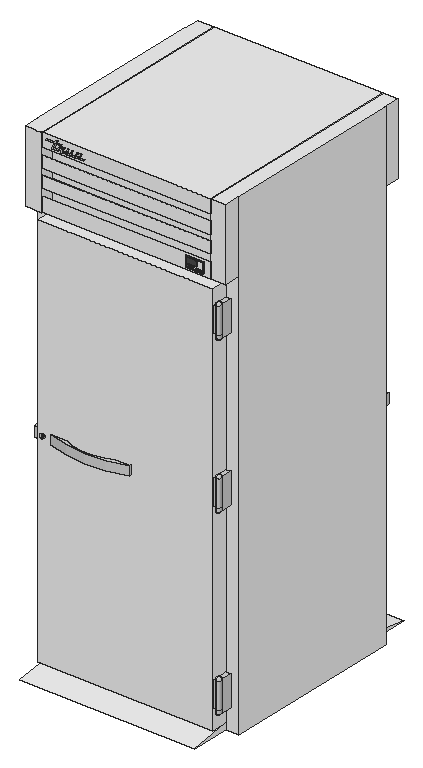
Revit family
Parameters
  Weight in Pounds = 0
  Watts = Volts * FL Amps  # 1023.5 W
  Volts = 115 V
  URL Cutsheet = "www.truemfg.com"
  URL = "www.truemfg.com"
  Type Mark [instance] = ""
  Type Comments = ""
  Status [instance] = ""
  Specification by User [instance] = ""
  Specification by Manufacturer = ""
  Show Logo [instance] = yes
  Show Clearance [instance] = yes
  Serial Number = ""
  Seismic Rating = ""
  SMACNA No = ""
  Revision Code [instance] = ""
  Phase = 1
  Omniclass Number and Title = ""
  Number of Poles [instance] = 1
  NAFEM Spec ID Number = ""
  Model = "STR1RRT-1S-1S"
  Min Ckt Ampacity = 0 A
  Max Overcurrent Protection = 0 A
  Masterspec = ""
  Manufacturer = "TRUE FOOD SERVICE EQUIPMENT, INC."
  Length = 35"
  Item Number [instance] = ""
  Installed By [instance] = ""
  Identify Quantity as Lot [instance] = yes
  Height = 83 3/4"
  HP = "1/3"
  Furnished By [instance] = ""
  Foodservice Equipment Identifier [instance] = yes
  FL Amps = 8.9 A
  Electrical Remarks [instance] = ""
  Electric Connection Type [instance] = ""
  Elec Conn RI Height [instance] = 0"
  Elec Conn Connection Height [instance] = 0"
  Description = "Roll-thru Solid Swing Door Refrigerator"
  Depth = 37 1/2"
  Cycle = 60 Hz
  Conn Plug = "5-15P"
  Conn Conduit = yes
  CSI MasterFormat = ""
  CSI Master Format = ""
  Apparent Power = if(Phase = 3, Volts * FL Amps * 1.73, Volts * FL Amps)  # 1023.5 VA
Reference planes (in)
  plane 1 "BACK": y = 0
  plane 2: z = 0
  plane 3 "LEFT": x = 0
  plane 4 "RIGHT": x = 35
  plane 5 "FRONT": y = -37.5
  plane 6 "TOP": z = 83.75
  plane 7: x = 2.84375
  plane 8: y = -37.4542
  plane 9: x = 32.15625
  plane 10: y = -0.0458
  plane 11: y = -18.75
  plane 12: z = 69.90625
Forms (in)
  Extrusion 1, solid, material "QF_Finishes_Chrome - Satin"
    sketch origin (0.05, 0, 0) x (1, 0, 0) y (0, 1, 0)
      loop
        line (-0.05, -2.75) -> (-0.05, -34.75) -> (2.87859, -34.75) -> (2.87859, -2.75) -> (-0.05, -2.75)
    from 0 to 83.75
  Extrusion 2, solid, material "QF_Finishes_Chrome - Satin"
    sketch origin (50.15, 0, 0) x (1, 0, 0) y (0, 1, 0)
      loop
        line (-17.85, -2.75) -> (-17.85, -34.75) -> (-15.15, -34.75) -> (-15.15, -2.75) -> (-17.85, -2.75)
    from 0 to 83.75
  Extrusion 3, solid, material "QF_Finishes_Chrome - Satin"
    sketch origin (0, 0, 0) x (0, 1, 0) y (0, 0, 1)
      loop
        line (-37.4542, 71.28125) -> (-34.75, 71.28125) -> (-34.75, 0) -> (-2.75, 0) -> (-2.75, 71.28125) -> (-0.0458, 71.28125) -> (-0.0458, 73.81726) -> (-2.25, 72.25) -> (-2.25, 73.52557) -> (-0.0458, 75.09284) -> (-0.0458, 77.18904) -> (-2.25, 75.62178) -> (-2.25, 76.58254) -> (-0.0458, 78.1498) -> (-0.0458, 80.28351) -> (-2.25, 78.71625) -> (-2.25, 79.83852) -> (-0.0458, 81.40578) -> (-0.0458, 83.75) -> (-37.4542, 83.75) -> (-37.4542, 81.40578) -> (-35.25, 79.83852) -> (-35.25, 78.71625) -> (-37.4542, 80.28351) -> (-37.4542, 78.1498) -> (-35.25, 76.58254) -> (-35.25, 75.62178) -> (-37.4542, 77.18904) -> (-37.4542, 75.09284) -> (-35.25, 73.52557) -> (-35.25, 72.25) -> (-37.4542, 73.81726) -> (-37.4542, 71.28125)
    from 2.92859 to 32.3
  Extrusion 4, solid, material "QF_Finishes_Chrome - Satin"
    sketch origin (0, 0, 0) x (1, 0, 0) y (0, 1, 0)
      loop
        line (34.84782, -34.75) -> (32.3, -34.75) -> (32.3, -37.5) -> (34.84782, -37.5) -> (34.84782, -34.75)
      loop
        line (34.84782, -2.75) -> (34.84782, 0) -> (32.3, 0) -> (32.3, -2.75) -> (34.84782, -2.75)
    from 71.28125 to 83.75
  Extrusion 5, solid, material "QF_Finishes_Chrome - Satin"
    sketch origin (-50.125, 0, 0.25) x (1, 0, 0) y (0, 1, 0)
      loop
        line (53.05359, -34.75) -> (50.24109, -34.75) -> (50.24109, -37.5) -> (53.05359, -37.5) -> (53.05359, -34.75)
      loop
        line (53.05359, -2.75) -> (53.05359, 0) -> (50.24109, 0) -> (50.24109, -2.75) -> (53.05359, -2.75)
    from 71.03125 to 83.5
  Extrusion 6, solid, material "QF_Finishes_Chrome - Satin"
    sketch origin (-24.96875, -3.75, -0.71875) x (1, 0, 0) y (0, 0, 1)
      loop
        line (27.25, 1.71875) -> (57.65625, 1.71875) -> (57.65625, 70.625) -> (27.25, 70.625) -> (27.25, 1.71875)
    from 31 to 33.75
  Extrusion 7, solid, material "QF_Finishes_Handrails and Railings"
    sketch origin (58.625, -0.25, 24.93519) x (1, 0, 0) y (0, 1, 0)
      loop
        line (-53.875, -37.25) -> (-53.875, -37.45)
        arc (-53.875, -37.45) -> (-47.075, -38.65633) -> (-40.275, -37.45) r 19.7687
        line (-40.275, -37.45) -> (-40.275, -37.25) -> (-42.675, -37.25)
        arc (-42.675, -37.25) -> (-47.075, -38.40816) -> (-51.475, -37.25) r 8.93713
        line (-51.475, -37.25) -> (-53.875, -37.25)
    from 10.87731 to 12.37731
  Extrusion 8, solid, material "QF_Finishes_Handrails and Railings"
    sketch origin (-23.375, -3.83467, -3.5) x (1, 0, 0) y (0, 0, 1)
      loop
        circle (26.4375, 40.0625) r 0.35
      loop
        line (26.47265, 40.33635) -> (26.41715, 40.33635) -> (26.41715, 39.76895) -> (26.47265, 39.76895) -> (26.47265, 40.33635)
    from 33.5 to 33.83066
  Extrusion 9, solid, material "QF_Finishes_Handrails and Railings", visible <- "Show Logo"
    sketch origin (0.33478, -2.68623, 4.98732) x (1, 0, 0) y (0, 0, 1)
      loop
        line (3.46044, 78.08731) -> (3.35478, 77.86073) -> (4.76027, 77.86073)
        arc (4.76027, 77.86073) -> (4.78879, 77.81028) -> (4.76027, 77.75984) r 0.05887
        line (4.76027, 77.75984) -> (4.39369, 76.97372)
        arc (4.39369, 76.97372) -> (4.39051, 76.90091) -> (4.43975, 76.84717) r 0.09523
        line (4.43975, 76.84717) -> (5.33844, 76.84717)
        arc (5.33844, 76.84717) -> (5.45192, 76.88295) -> (5.52436, 76.97735) r 0.19785
        line (5.52436, 76.97735) -> (5.81285, 77.59601) -> (6.0779, 77.59601)
        arc (6.0779, 77.59601) -> (6.14744, 77.57043) -> (6.13737, 77.49703) r 0.05911
        line (6.13737, 77.49703) -> (5.89598, 76.97937)
        arc (5.89598, 76.97937) -> (5.89974, 76.8934) -> (5.97231, 76.84717) r 0.09318
        line (5.97231, 76.84717) -> (6.76198, 76.84717)
        arc (6.76198, 76.84717) -> (6.82249, 76.86919) -> (6.85468, 76.92495) r 0.09412
        arc (6.85468, 76.92495) -> (6.87746, 76.86995) -> (6.93246, 76.84717) r 0.07778
        line (6.93246, 76.84717) -> (7.43246, 76.84717)
        arc (7.43246, 76.84717) -> (7.49022, 76.86265) -> (7.53251, 76.90493) r 0.11552
        arc (7.53251, 76.90493) -> (7.55275, 76.85606) -> (7.60162, 76.83581) r 0.06912
        line (7.60162, 76.83581) -> (8.31225, 76.83581)
        arc (8.31225, 76.83581) -> (8.37034, 76.85988) -> (8.39441, 76.91797) r 0.08216
        arc (8.39441, 76.91797) -> (8.44767, 76.86472) -> (8.52042, 76.84522) r 0.14551
        line (8.52042, 76.84522) -> (9.85158, 76.84522) -> (9.99946, 77.10134) -> (8.65678, 77.10134)
        arc (8.65678, 77.10134) -> (8.61972, 77.12704) -> (8.61834, 77.17211) r 0.05009
        line (8.61834, 77.17211) -> (8.64157, 77.22192)
        arc (8.64157, 77.22192) -> (8.67723, 77.26864) -> (8.73327, 77.28635) r 0.09747
        line (8.73327, 77.28635) -> (9.16485, 77.28635)
        arc (9.16485, 77.28635) -> (9.258, 77.31131) -> (9.32619, 77.3795) r 0.1863
        line (9.32619, 77.3795) -> (9.45119, 77.59601)
        arc (9.45119, 77.59601) -> (9.45119, 77.71157) -> (9.35111, 77.76934) r 0.11556
        line (9.35111, 77.76934) -> (8.89562, 77.76934)
        arc (8.89562, 77.76934) -> (8.7795, 77.74962) -> (8.69849, 77.66412) r 0.18605
        line (8.69849, 77.66412) -> (8.48204, 77.19993)
        arc (8.48204, 77.19993) -> (8.41815, 77.11667) -> (8.31806, 77.08511) r 0.1745
        line (8.31806, 77.08511) -> (7.84559, 77.08511)
        arc (7.84559, 77.08511) -> (7.78903, 77.14684) -> (7.79268, 77.23048) r 0.10939
        line (7.79268, 77.23048) -> (8.04395, 77.76934) -> (7.88403, 77.76934) -> (7.61781, 77.19844)
        arc (7.61781, 77.19844) -> (7.56609, 77.13103) -> (7.48505, 77.10548) r 0.14128
        line (7.48505, 77.10548) -> (7.15925, 77.10548)
        arc (7.15925, 77.10548) -> (7.10419, 77.17723) -> (7.116, 77.26689) r 0.11816
        line (7.116, 77.26689) -> (7.3503, 77.76934) -> (7.18514, 77.76934) -> (6.91546, 77.191)
        arc (6.91546, 77.191) -> (6.85285, 77.12839) -> (6.76733, 77.10548) r 0.17104
        line (6.76733, 77.10548) -> (6.29555, 77.10548)
        arc (6.29555, 77.10548) -> (6.21082, 77.14499) -> (6.20267, 77.23813) r 0.0935
        line (6.20267, 77.23813) -> (6.35774, 77.57069) -> (6.57695, 77.57069)
        arc (6.57695, 77.57069) -> (6.61395, 77.68217) -> (6.69267, 77.76934) r 0.2857
        line (6.69267, 77.76934) -> (5.83605, 77.76934)
        arc (5.83605, 77.76934) -> (5.74086, 77.74824) -> (5.67498, 77.67635) r 0.16212
        line (5.67498, 77.67635) -> (5.44279, 77.17841)
        arc (5.44279, 77.17841) -> (5.3894, 77.12502) -> (5.31647, 77.10548) r 0.14586
        line (5.31647, 77.10548) -> (4.80506, 77.10548)
        arc (4.80506, 77.10548) -> (4.76514, 77.15942) -> (4.77274, 77.22609) r 0.09155
        line (4.77274, 77.22609) -> (5.11018, 77.86073) -> (5.96155, 77.86073) -> (6.06721, 78.08731) -> (5.21584, 78.08731) -> (5.32149, 78.31388) -> (5.01862, 78.31388) -> (4.91297, 78.08731) -> (3.46044, 78.08731)
      loop
        arc (8.83805, 77.56363) -> (8.80119, 77.55375) -> (8.7742, 77.52676) r 0.07373
        line (8.7742, 77.52676) -> (8.75229, 77.45936)
        arc (8.75229, 77.45936) -> (8.76245, 77.43483) -> (8.78699, 77.42466) r 0.0347
        line (8.78699, 77.42466) -> (9.15948, 77.42466)
        arc (9.15948, 77.42466) -> (9.18632, 77.43061) -> (9.20812, 77.44734) r 0.0635
        line (9.20812, 77.44734) -> (9.22624, 77.53122)
        arc (9.22624, 77.53122) -> (9.22091, 77.55368) -> (9.20009, 77.56363) r 0.02676
        line (9.20009, 77.56363) -> (8.83805, 77.56363)
    from 34.76797 to 34.83173
  Extrusion 10, solid, material "QF_Finishes_White"
    sketch origin (-22.74812, -2.7042, -7.97497) x (1, 0, 0) y (0, 0, 1)
      loop
        line (50.81732, 81.35727) -> (50.81732, 79.60996) -> (53.72357, 79.60996) -> (53.72357, 81.35727) -> (50.81732, 81.35727)
    from 34.75 to 34.76797
  Extrusion 11, solid, material "QF_Finishes_Black"
    sketch origin (-22.74812, -2.7042, -7.97497) x (1, 0, 0) y (0, 0, 1)
      loop
        line (53.78607, 81.41977) -> (50.75482, 81.41977) -> (50.75482, 79.54746) -> (53.78607, 79.54746) -> (53.78607, 81.41977)
      loop
        spline (50.95482, 79.87872) -> (50.96333, 79.86254) -> (50.98831, 79.84747) -> (51.02804, 79.83452) -> (51.07982, 79.82459) -> (51.14011, 79.81835) -> (51.20482, 79.81622) -> (51.26952, 79.81835) -> (51.32982, 79.82459) -> (51.38159, 79.83452) -> (51.42132, 79.84747) -> (51.4463, 79.86254) -> (51.45482, 79.87872)
        spline (51.45482, 79.87872) -> (51.4463, 79.89489) -> (51.42132, 79.90997) -> (51.38159, 79.92291) -> (51.32982, 79.93284) -> (51.26952, 79.93909) -> (51.20482, 79.94122) -> (51.14011, 79.93909) -> (51.07982, 79.93284) -> (51.02804, 79.92291) -> (50.98831, 79.90997) -> (50.96333, 79.89489) -> (50.95482, 79.87872)
      loop
        spline (51.65083, 79.87872) -> (51.65935, 79.86254) -> (51.68432, 79.84747) -> (51.72405, 79.83452) -> (51.77583, 79.82459) -> (51.83612, 79.81835) -> (51.90083, 79.81622) -> (51.96553, 79.81835) -> (52.02583, 79.82459) -> (52.07761, 79.83452) -> (52.11734, 79.84747) -> (52.14231, 79.86254) -> (52.15083, 79.87872)
        spline (52.15083, 79.87872) -> (52.14231, 79.89489) -> (52.11734, 79.90997) -> (52.07761, 79.92291) -> (52.02583, 79.93284) -> (51.96553, 79.93909) -> (51.90083, 79.94122) -> (51.83612, 79.93909) -> (51.77583, 79.93284) -> (51.72405, 79.92291) -> (51.68432, 79.90997) -> (51.65935, 79.89489) -> (51.65083, 79.87872)
      loop
        spline (52.40083, 79.87872) -> (52.40935, 79.86254) -> (52.43432, 79.84747) -> (52.47405, 79.83452) -> (52.52583, 79.82459) -> (52.58612, 79.81835) -> (52.65083, 79.81622) -> (52.71553, 79.81835) -> (52.77583, 79.82459) -> (52.82761, 79.83452) -> (52.86734, 79.84747) -> (52.89231, 79.86254) -> (52.90083, 79.87872)
        spline (52.90083, 79.87872) -> (52.89231, 79.89489) -> (52.86734, 79.90997) -> (52.82761, 79.92291) -> (52.77583, 79.93284) -> (52.71553, 79.93909) -> (52.65083, 79.94122) -> (52.58612, 79.93909) -> (52.52583, 79.93284) -> (52.47405, 79.92291) -> (52.43432, 79.90997) -> (52.40935, 79.89489) -> (52.40083, 79.87872)
      loop
        line (50.95481, 81.21978) -> (50.95481, 80.21978) -> (52.65433, 80.21978) -> (52.65433, 81.21978) -> (50.95481, 81.21978)
      loop
        line (53.72357, 81.35727) -> (50.81732, 81.35727) -> (50.81732, 79.60996) -> (53.72357, 79.60996) -> (53.72357, 81.35727)
      loop
        spline (53.15083, 79.87872) -> (53.15935, 79.86254) -> (53.18432, 79.84747) -> (53.22405, 79.83452) -> (53.27583, 79.82459) -> (53.33612, 79.81835) -> (53.40083, 79.81622) -> (53.46553, 79.81835) -> (53.52583, 79.82459) -> (53.57761, 79.83452) -> (53.61734, 79.84747) -> (53.64231, 79.86254) -> (53.65083, 79.87872)
        spline (53.65083, 79.87872) -> (53.64231, 79.89489) -> (53.61734, 79.90997) -> (53.57761, 79.92291) -> (53.52583, 79.93284) -> (53.46553, 79.93909) -> (53.40083, 79.94122) -> (53.33612, 79.93909) -> (53.27583, 79.93284) -> (53.22405, 79.92291) -> (53.18432, 79.90997) -> (53.15935, 79.89489) -> (53.15083, 79.87872)
    from 34.76797 to 34.80335
  Extrusion 12, solid
    sketch origin (-25.125, 0, 0) x (1, 0, 0) y (0, 0, 1)
      loop
        circle (56.875, 81.625) r 0.25
    from 0 to 0.0625
  Blend 13, solid, material "QF_Finishes_Handrails and Railings"
    base sketch origin (27.53125, -3.75, -1.5) x (-1, 0, 0) y (0, 0, -1)
      loop
        line (25.25, -38.99169) -> (26, -38.99169) -> (26, -37.24169) -> (25.25, -37.24169) -> (25.25, -38.99169)
    top sketch origin (27.53125, 0, -1.5) x (-1, 0, 0) y (0, 0, -1)
      loop
        line (26.18223, -36.6441) -> (25.25, -36.6441) -> (25.25, -39.42643) -> (26.18223, -39.42643) -> (26.18223, -36.6441)
    from 33.57883 to 34.75
  Extrusion 14, solid, material "QF_Finishes_Handrails and Railings"
    sketch origin (33.78125, 0, 3.25) x (0, 1, 0) y (0, 0, -1)
      loop
        line (-34.75, -64.17729) -> (-34.75, -58.86127) -> (-37, -58.86127) -> (-37, -59.57348) -> (-36.56497, -59.57348) -> (-36.56497, -63.97276)
        arc (-36.56497, -63.97276) -> (-36.50506, -64.11738) -> (-36.36044, -64.17729) r 0.20453
        line (-36.36044, -64.17729) -> (-34.75, -64.17729)
    from 0.17506 to 1
  Revolve 15, solid, material "QF_Finishes_Handrails and Railings"
    sketch origin (33.28125, 0, 3.25) x (0, 1, 0) y (0, 0, -1)
      loop
        line (-37.01563, -59.62689) -> (-37.42229, -59.62689) -> (-37.42229, -64.0986)
        arc (-37.42229, -64.0986) -> (-37.28722, -64.35057) -> (-37.01563, -64.43983) r 0.3848
        line (-37.01563, -64.43983) -> (-37.01563, -59.62689)
      loop
        line (-37.01563, -59.57348) -> (-37.01563, -58.67281)
        arc (-37.01563, -58.67281) -> (-37.28264, -58.75883) -> (-37.42229, -59.00212) r 0.38884
        line (-37.42229, -59.00212) -> (-37.42229, -59.57348) -> (-37.01563, -59.57348)
      axis (-37.01563, -58.67281) -> (-37.01563, -64.43983)
    angle from 0 to 360
  Extrusion 16, solid, material "QF_Finishes_Handrails and Railings"
    sketch origin (27.5, -3.82734, 3.2511) x (-1, 0, 0) y (0, 0, -1)
      loop
        line (-5.58509, -64.0986) -> (-5.1875, -64.0986) -> (-5.1875, -59.62579) -> (-5.58509, -59.62579) -> (-5.58509, -64.0986)
    from 32.81497 to 33.59495
  Extrusion 17, solid, material "QF_Finishes_Handrails and Railings"
    sketch origin (33.78125, 0, -24) x (0, 1, 0) y (0, 0, -1)
      loop
        line (-34.75, -64.55229) -> (-34.75, -59.23627) -> (-37, -59.23627) -> (-37, -59.94848) -> (-36.56497, -59.94848) -> (-36.56497, -64.34776)
        arc (-36.56497, -64.34776) -> (-36.50506, -64.49238) -> (-36.36044, -64.55229) r 0.20453
        line (-36.36044, -64.55229) -> (-34.75, -64.55229)
    from 0.17506 to 1
  Revolve 18, solid, material "QF_Finishes_Handrails and Railings"
    sketch origin (33.28125, 0, -24) x (0, 1, 0) y (0, 0, -1)
      loop
        line (-37.01563, -60.00189) -> (-37.42229, -60.00189) -> (-37.42229, -64.4736)
        arc (-37.42229, -64.4736) -> (-37.28722, -64.72557) -> (-37.01563, -64.81483) r 0.3848
        line (-37.01563, -64.81483) -> (-37.01563, -60.00189)
      loop
        line (-37.01563, -59.94848) -> (-37.01563, -59.04781)
        arc (-37.01563, -59.04781) -> (-37.28264, -59.13383) -> (-37.42229, -59.37712) r 0.38884
        line (-37.42229, -59.37712) -> (-37.42229, -59.94848) -> (-37.01563, -59.94848)
      axis (-37.01563, -59.04781) -> (-37.01563, -64.81483)
    angle from 0 to 360
  Extrusion 19, solid, material "QF_Finishes_Handrails and Railings"
    sketch origin (27.5, -3.82734, -23.9989) x (-1, 0, 0) y (0, 0, -1)
      loop
        line (-5.58509, -64.4736) -> (-5.1875, -64.4736) -> (-5.1875, -60.00079) -> (-5.58509, -60.00079) -> (-5.58509, -64.4736)
    from 32.81497 to 33.59495
  Extrusion 20, solid, material "QF_Finishes_Handrails and Railings"
    sketch origin (33.78125, 0, -55.5) x (0, 1, 0) y (0, 0, -1)
      loop
        line (-34.75, -64.55229) -> (-34.75, -59.23627) -> (-37, -59.23627) -> (-37, -59.94848) -> (-36.56497, -59.94848) -> (-36.56497, -64.34776)
        arc (-36.56497, -64.34776) -> (-36.50506, -64.49238) -> (-36.36044, -64.55229) r 0.20453
        line (-36.36044, -64.55229) -> (-34.75, -64.55229)
    from 0.17506 to 1
  Revolve 21, solid, material "QF_Finishes_Handrails and Railings"
    sketch origin (33.28125, 0, -55.5) x (0, 1, 0) y (0, 0, -1)
      loop
        line (-37.01563, -60.00189) -> (-37.42229, -60.00189) -> (-37.42229, -64.4736)
        arc (-37.42229, -64.4736) -> (-37.28722, -64.72557) -> (-37.01563, -64.81483) r 0.3848
        line (-37.01563, -64.81483) -> (-37.01563, -60.00189)
      loop
        line (-37.01563, -59.94848) -> (-37.01563, -59.04781)
        arc (-37.01563, -59.04781) -> (-37.28264, -59.13383) -> (-37.42229, -59.37712) r 0.38884
        line (-37.42229, -59.37712) -> (-37.42229, -59.94848) -> (-37.01563, -59.94848)
      axis (-37.01563, -59.04781) -> (-37.01563, -64.81483)
    angle from 0 to 360
  Extrusion 22, solid, material "QF_Finishes_Handrails and Railings"
    sketch origin (27.5, -3.82734, -55.4989) x (-1, 0, 0) y (0, 0, -1)
      loop
        line (-5.58509, -64.4736) -> (-5.1875, -64.4736) -> (-5.1875, -60.00079) -> (-5.58509, -60.00079) -> (-5.58509, -64.4736)
    from 32.81497 to 33.59495
  Extrusion 23, solid, material "QF_Finishes_Door Clearance", visible <- "Show Clearance", detail levels coarse
    sketch origin (26.42841, -3.6098, 0) x (1, 0, 0) y (0, 1, 0)
      loop
        line (6.32159, -33.8902) -> (-24.14716, -33.8902)
        arc (-24.14716, -33.8902) -> (-15.22307, -55.43486) -> (6.32159, -64.35895) r 30.46875
        line (6.32159, -64.35895) -> (6.32159, -33.8902)
    from 1 to 69.90625
  Extrusion 24, solid, material "QF_Finishes_Chrome - Satin"
    sketch origin (32.6875, -3.75, 8.03125) x (0, 0, 1) y (0, -1, 0)
      loop
        line (-8.03125, 37.6875) -> (-8.03125, 31) -> (-7.03125, 31) -> (-8.03125, 37.6875)
    from 0 to -30.40625
  Extrusion 25, solid, material "QF_Finishes_Chrome - Satin"
    sketch origin (59.96875, -33.75, -0.71875) x (-1, 0, 0) y (0, 0, 1)
      loop
        line (27.25, 1.71875) -> (57.65625, 1.71875) -> (57.65625, 70.625) -> (27.25, 70.625) -> (27.25, 1.71875)
    from 31 to 33.75
  Extrusion 26, solid, material "QF_Finishes_Handrails and Railings"
    sketch origin (-23.625, -37.25, 24.93519) x (-1, 0, 0) y (0, -1, 0)
      loop
        line (-53.875, -37.25) -> (-53.875, -37.45)
        arc (-53.875, -37.45) -> (-47.075, -38.65628) -> (-40.275, -37.45) r 19.76948
        line (-40.275, -37.45) -> (-40.275, -37.25) -> (-42.675, -37.25)
        arc (-42.675, -37.25) -> (-47.075, -38.40816) -> (-51.475, -37.25) r 8.93715
        line (-51.475, -37.25) -> (-53.875, -37.25)
    from 10.87731 to 12.37731
  Extrusion 27, solid, material "QF_Finishes_Handrails and Railings"
    sketch origin (58.375, -33.66533, -3.5) x (-1, 0, 0) y (0, 0, 1)
      loop
        circle (26.4375, 40.0625) r 0.35
      loop
        line (26.47265, 40.33635) -> (26.41715, 40.33635) -> (26.41715, 39.76895) -> (26.47265, 39.76895) -> (26.47265, 40.33635)
    from 33.5 to 33.83066
  Blend 28, solid, material "QF_Finishes_Handrails and Railings"
    base sketch origin (7.46875, -33.75, -1.5) x (1, 0, 0) y (0, 0, -1)
      loop
        line (25.25, -38.99169) -> (26, -38.99169) -> (26, -37.24169) -> (25.25, -37.24169) -> (25.25, -38.99169)
    top sketch origin (7.46875, -37.5, -1.5) x (1, 0, 0) y (0, 0, -1)
      loop
        line (26.18223, -36.6441) -> (25.25, -36.6441) -> (25.25, -39.42643) -> (26.18223, -39.42643) -> (26.18223, -36.6441)
    from 33.57883 to 34.75
  Extrusion 29, solid, material "QF_Finishes_Handrails and Railings"
    sketch origin (1.21875, -37.5, 3.25) x (0, -1, 0) y (0, 0, -1)
      loop
        line (-34.75, -64.17729) -> (-34.75, -58.86127) -> (-37, -58.86127) -> (-37, -59.57348) -> (-36.56497, -59.57348) -> (-36.56497, -63.97276)
        arc (-36.56497, -63.97276) -> (-36.50506, -64.11738) -> (-36.36044, -64.17729) r 0.20453
        line (-36.36044, -64.17729) -> (-34.75, -64.17729)
    from 0.17506 to 1
  Revolve 30, solid, material "QF_Finishes_Handrails and Railings"
    sketch origin (1.71875, -37.5, 3.25) x (0, -1, 0) y (0, 0, -1)
      loop
        line (-37.01563, -59.62689) -> (-37.42229, -59.62689) -> (-37.42229, -64.0986)
        arc (-37.42229, -64.0986) -> (-37.28722, -64.35057) -> (-37.01563, -64.43983) r 0.3848
        line (-37.01563, -64.43983) -> (-37.01563, -59.62689)
      loop
        line (-37.01563, -59.57348) -> (-37.01563, -58.67281)
        arc (-37.01563, -58.67281) -> (-37.28264, -58.75883) -> (-37.42229, -59.00212) r 0.38884
        line (-37.42229, -59.00212) -> (-37.42229, -59.57348) -> (-37.01563, -59.57348)
      axis (-37.01563, -58.67281) -> (-37.01563, -64.43983)
    angle from 0 to 360
  Extrusion 31, solid, material "QF_Finishes_Handrails and Railings"
    sketch origin (7.5, -33.67266, 3.2511) x (1, 0, 0) y (0, 0, -1)
      loop
        line (-5.58509, -64.0986) -> (-5.1875, -64.0986) -> (-5.1875, -59.62579) -> (-5.58509, -59.62579) -> (-5.58509, -64.0986)
    from 32.81497 to 33.59495
  Extrusion 32, solid, material "QF_Finishes_Handrails and Railings"
    sketch origin (1.21875, -37.5, -24) x (0, -1, 0) y (0, 0, -1)
      loop
        line (-34.75, -64.55229) -> (-34.75, -59.23627) -> (-37, -59.23627) -> (-37, -59.94848) -> (-36.56497, -59.94848) -> (-36.56497, -64.34776)
        arc (-36.56497, -64.34776) -> (-36.50506, -64.49238) -> (-36.36044, -64.55229) r 0.20453
        line (-36.36044, -64.55229) -> (-34.75, -64.55229)
    from 0.17506 to 1
  Revolve 33, solid, material "QF_Finishes_Handrails and Railings"
    sketch origin (1.71875, -37.5, -24) x (0, -1, 0) y (0, 0, -1)
      loop
        line (-37.01563, -60.00189) -> (-37.42229, -60.00189) -> (-37.42229, -64.4736)
        arc (-37.42229, -64.4736) -> (-37.28722, -64.72557) -> (-37.01563, -64.81483) r 0.3848
        line (-37.01563, -64.81483) -> (-37.01563, -60.00189)
      loop
        line (-37.01563, -59.94848) -> (-37.01563, -59.04781)
        arc (-37.01563, -59.04781) -> (-37.28264, -59.13383) -> (-37.42229, -59.37712) r 0.38884
        line (-37.42229, -59.37712) -> (-37.42229, -59.94848) -> (-37.01563, -59.94848)
      axis (-37.01563, -59.04781) -> (-37.01563, -64.81483)
    angle from 0 to 360
  Extrusion 34, solid, material "QF_Finishes_Handrails and Railings"
    sketch origin (7.5, -33.67266, -23.9989) x (1, 0, 0) y (0, 0, -1)
      loop
        line (-5.58509, -64.4736) -> (-5.1875, -64.4736) -> (-5.1875, -60.00079) -> (-5.58509, -60.00079) -> (-5.58509, -64.4736)
    from 32.81497 to 33.59495
  Extrusion 35, solid, material "QF_Finishes_Handrails and Railings"
    sketch origin (1.21875, -37.5, -55.5) x (0, -1, 0) y (0, 0, -1)
      loop
        line (-34.75, -64.55229) -> (-34.75, -59.23627) -> (-37, -59.23627) -> (-37, -59.94848) -> (-36.56497, -59.94848) -> (-36.56497, -64.34776)
        arc (-36.56497, -64.34776) -> (-36.50506, -64.49238) -> (-36.36044, -64.55229) r 0.20453
        line (-36.36044, -64.55229) -> (-34.75, -64.55229)
    from 0.17506 to 1
  Revolve 36, solid, material "QF_Finishes_Handrails and Railings"
    sketch origin (1.71875, -37.5, -55.5) x (0, -1, 0) y (0, 0, -1)
      loop
        line (-37.01563, -60.00189) -> (-37.42229, -60.00189) -> (-37.42229, -64.4736)
        arc (-37.42229, -64.4736) -> (-37.28722, -64.72557) -> (-37.01563, -64.81483) r 0.3848
        line (-37.01563, -64.81483) -> (-37.01563, -60.00189)
      loop
        line (-37.01563, -59.94848) -> (-37.01563, -59.04781)
        arc (-37.01563, -59.04781) -> (-37.28264, -59.13383) -> (-37.42229, -59.37712) r 0.38884
        line (-37.42229, -59.37712) -> (-37.42229, -59.94848) -> (-37.01563, -59.94848)
      axis (-37.01563, -59.04781) -> (-37.01563, -64.81483)
    angle from 0 to 360
  Extrusion 37, solid, material "QF_Finishes_Handrails and Railings"
    sketch origin (7.5, -33.67266, -55.4989) x (1, 0, 0) y (0, 0, -1)
      loop
        line (-5.58509, -64.4736) -> (-5.1875, -64.4736) -> (-5.1875, -60.00079) -> (-5.58509, -60.00079) -> (-5.58509, -64.4736)
    from 32.81497 to 33.59495
  Extrusion 38, solid, material "QF_Finishes_Door Clearance", visible <- "Show Clearance", detail levels coarse
    sketch origin (8.57159, -33.8902, 0) x (-1, 0, 0) y (0, -1, 0)
      loop
        line (6.32159, -33.8902) -> (-24.14716, -33.8902)
        arc (-24.14716, -33.8902) -> (-15.22307, -55.43486) -> (6.32159, -64.35895) r 30.46875
        line (6.32159, -64.35895) -> (6.32159, -33.8902)
    from 1 to 69.90625
  Extrusion 39, solid, material "QF_Finishes_Chrome - Satin"
    sketch origin (2.3125, -33.75, 8.03125) x (0, 0, 1) y (0, 1, 0)
      loop
        line (-8.03125, 37.6875) -> (-8.03125, 31) -> (-7.03125, 31) -> (-8.03125, 37.6875)
    from 0 to -30.40625
Cuts and joins
  joined: Extrusion 1, Extrusion 2, Extrusion 4, Extrusion 5
Lines and regions (in)
  symbolic lines
    curve 1: line (0, 0, 0) -> (35, 0, 0)
    curve 2: line (0, -37.5, 0) -> (0, 0, 0)
    curve 3: line (35, -37.5, 0) -> (0, -37.5, 0)
    curve 4: line (35, 0, 0) -> (35, -37.5, 0)
    curve 5: line (35, -35.25, 0) -> (0, -35.25, 0)
    curve 6: arc (15.95746, -37.5, 0) -> (11.55746, -38.65816, 0) -> (7.15746, -37.5, 0) r 8.93715
    curve 7: line (4.75746, -37.5, 0) -> (4.75746, -37.70273, 0)
    curve 8: line (18.35746, -37.69726, 0) -> (18.35746, -37.5, 0)
    curve 13: line (16.65, 0.2, 0) -> (16.65, 0, 0)
    curve 14: line (30.25, 0, 0) -> (30.25, 0.2, 0)
    curve 15: arc (19.05, 0, 0) -> (23.45, 1.15816, 0) -> (27.85, 0, 0) r 8.93715
    curve 16: arc (4.75746, -37.70273, 0) -> (11.55795, -38.90633, 0) -> (18.35746, -37.69726, 0) r 19.7687
    curve 17: arc (30.25, 0.2, 0) -> (23.45, 1.40628, 0) -> (16.65, 0.2, 0) r 19.76948
    curve 18: line (35, -2.25, 0) -> (0, -2.25, 0)
  symbolic lines, style "QF-Door Swings", visible <- "Show Clearance", detail levels coarse
    curve 9: line (32.75, -37.5, 0) -> (32.75, -67.96875, 0)
    curve 10: arc (32.75, -67.96875, 0) -> (11.20534, -59.04466, 0) -> (2.28125, -37.5, 0) r 30.46875
    curve 11: line (2.25, 0, 0) -> (2.25, 30.46875, 0)
    curve 12: arc (2.25, 30.46875, 0) -> (23.79466, 21.54466, 0) -> (32.71875, 0, 0) r 30.46875
Dimensions and locks (in)
  "Depth": plane 5 "FRONT" to plane 1 "BACK"
  plane 6 "TOP" to level = 83 3/4"  (x2)
  Extrusion 6 sketch curve to Extrusion 6 sketch curve = 30 13/32"
  Extrusion 6 to plane 1 "BACK" = 37 1/2"
  "Length": plane 3 "LEFT" to plane 4 "RIGHT"
  plane 4 "RIGHT" to plane 3 "LEFT" = 35"
  plane 5 "FRONT" to plane 1 "BACK" = 37 1/2"
  Extrusion 25 sketch curve to Extrusion 25 sketch curve = 30 13/32"
  plane 12 to level = 69 29/32"
  aligned and locked: level to plane 2
Automatic sketch dimensions
  Extrusion 39 sketch curve to Extrusion 25 = 0"
  Extrusion 39 sketch curve to Extrusion 39 sketch curve = 1"
  Extrusion 39 sketch curve to Extrusion 25 = 3 15/16"
  Extrusion 1 sketch curve to plane 3 "LEFT" = 0"
  plane 1 "BACK" to Extrusion 1 sketch curve = 2 3/4"
  plane 7 to Extrusion 1 sketch curve = 0.08484"
  Extrusion 1 sketch curve to plane 5 "FRONT" = 2 3/4"
  plane 1 "BACK" to Extrusion 2 sketch curve = 2 3/4"
  Extrusion 2 sketch curve to plane 4 "RIGHT" = 0"
  Extrusion 2 sketch curve to plane 9 = 0.14375"
  Extrusion 2 sketch curve to plane 5 "FRONT" = 2 3/4"
  Extrusion 3 sketch curve to plane 8 = 0"  (x4)
  Extrusion 3 sketch curve to level = 0"
  Extrusion 3 sketch curve to plane 10 = 0"  (x4)
  Extrusion 3 sketch curve to plane 6 "TOP" = 0"
  plane 8 to Extrusion 3 sketch curve = 2.2042"
  Extrusion 3 sketch curve to Extrusion 3 sketch curve = 0"  (x3)
  plane 8 to Extrusion 3 sketch curve = 2.7042"
  Extrusion 3 sketch curve to Extrusion 3 sketch curve = 2.7042"
  plane 10 to Extrusion 3 sketch curve = 2.2042"
  Extrusion 3 sketch curve to Extrusion 3 sketch curve = 1/2"
  Extrusion 3 sketch curve to plane 6 "TOP" = 12 15/32"  (x2)
  Extrusion 3 sketch curve to Extrusion 3 sketch curve = 31/32"  (x2)
  Extrusion 3 sketch curve to Extrusion 3 sketch curve = 1.27557"  (x4)
  Extrusion 3 sketch curve to Extrusion 3 sketch curve = 0.29169"  (x2)
  Extrusion 3 sketch curve to Extrusion 3 sketch curve = 2.0962"  (x4)
  Extrusion 3 sketch curve to Extrusion 3 sketch curve = 0.96076"  (x4)
  Extrusion 3 sketch curve to Extrusion 3 sketch curve = 2.13371"  (x4)
  Extrusion 3 sketch curve to Extrusion 3 sketch curve = 1.12227"  (x4)
  Extrusion 6 sketch curve to plane 7 = 9/16"
  level to Extrusion 6 sketch curve = 1"
  Extrusion 6 sketch curve to plane 6 "TOP" = 13 27/32"
  plane 7 to Extrusion 8 sketch curve = 0.1984"
  plane 7 to Extrusion 8 sketch curve = 7/32"
  Extrusion 8 sketch curve to Extrusion 8 sketch curve = 0.0555"
  level to Extrusion 8 sketch curve = 36.26895"
  Extrusion 8 sketch curve to Extrusion 8 sketch curve = 0.29355"
  Extrusion 8 sketch curve to Extrusion 8 sketch curve = 0.27385"
  plane 7 to Extrusion 9 sketch curve = 0.84582"
  Extrusion 9 sketch curve to Extrusion 9 sketch curve = 0.10565"  (x5)
  Extrusion 9 sketch curve to Extrusion 9 sketch curve = 1.03891"
  Extrusion 9 sketch curve to Extrusion 9 sketch curve = 0.04606"
  Extrusion 9 sketch curve to Extrusion 9 sketch curve = 0.08631"
  Extrusion 9 sketch curve to Extrusion 9 sketch curve = 0.33624"
  Extrusion 9 sketch curve to Extrusion 9 sketch curve = 0.03034"  (x2)
  Extrusion 9 sketch curve to Extrusion 9 sketch curve = 0.29274"
  Extrusion 9 sketch curve to Extrusion 9 sketch curve = 0.03232"
  Extrusion 9 sketch curve to Extrusion 9 sketch curve = 0.04851"
  Extrusion 9 sketch curve to plane 6 "TOP" = 0.67537"
  Extrusion 9 sketch curve to Extrusion 9 sketch curve = 0.1527"
  Extrusion 9 sketch curve to plane 6 "TOP" = 0.4488"
  Extrusion 9 sketch curve to Extrusion 9 sketch curve = 0.19721"
  Extrusion 9 sketch curve to Extrusion 9 sketch curve = 0.4629"
  Extrusion 9 sketch curve to Extrusion 9 sketch curve = 0.02197"
  Extrusion 9 sketch curve to Extrusion 9 sketch curve = 0.12632"
  Extrusion 9 sketch curve to Extrusion 9 sketch curve = 0.18591"
  Extrusion 9 sketch curve to plane 6 "TOP" = 1.08633"
  Extrusion 9 sketch curve to Extrusion 9 sketch curve = 0.2322"
  Extrusion 9 sketch curve to Extrusion 9 sketch curve = 0.13786"
  Extrusion 9 sketch curve to Extrusion 9 sketch curve = 0.00907"
  Extrusion 9 sketch curve to Extrusion 9 sketch curve = 0.01413"
  Extrusion 9 sketch curve to Extrusion 9 sketch curve = 0.37162"
  Extrusion 9 sketch curve to plane 6 "TOP" = 0.90195"
  Extrusion 9 sketch curve to Extrusion 9 sketch curve = 0.12551"
  Extrusion 9 sketch curve to Extrusion 9 sketch curve = 0.07633"
  Extrusion 9 sketch curve to Extrusion 9 sketch curve = 0.08445"
  Extrusion 9 sketch curve to Extrusion 9 sketch curve = 0.25598"
  Extrusion 9 sketch curve to Extrusion 9 sketch curve = 0.01887"
  Extrusion 9 sketch curve to Extrusion 9 sketch curve = 0.04061"
  Extrusion 9 sketch curve to plane 6 "TOP" = 1.52455"
  Extrusion 9 sketch curve to Extrusion 9 sketch curve = 0.0653"
  Extrusion 9 sketch curve to Extrusion 9 sketch curve = 0.08474"
  Extrusion 9 sketch curve to Extrusion 9 sketch curve = 0.00815"
  Extrusion 9 sketch curve to Extrusion 9 sketch curve = 0.22037"
  Extrusion 9 sketch curve to Extrusion 9 sketch curve = 0.21921"
  Extrusion 9 sketch curve to Extrusion 9 sketch curve = 0.11572"
  Extrusion 9 sketch curve to Extrusion 9 sketch curve = 0.46643"
  Extrusion 9 sketch curve to Extrusion 9 sketch curve = 0.00535"
  Extrusion 9 sketch curve to Extrusion 9 sketch curve = 0.09269"
  Extrusion 9 sketch curve to Extrusion 9 sketch curve = 0.09348"
  Extrusion 9 sketch curve to Extrusion 9 sketch curve = 0.14812"
  Extrusion 9 sketch curve to Extrusion 9 sketch curve = 0.07778"
  Extrusion 9 sketch curve to Extrusion 9 sketch curve = 0.20054"
  Extrusion 9 sketch curve to Extrusion 9 sketch curve = 0.04325"
  Extrusion 9 sketch curve to plane 6 "TOP" = 0.99334"  (x2)
  Extrusion 9 sketch curve to Extrusion 9 sketch curve = 0.32433"
  Extrusion 9 sketch curve to Extrusion 9 sketch curve = 0.10233"  (x2)
  Extrusion 9 sketch curve to Extrusion 9 sketch curve = 0.16515"
  Extrusion 9 sketch curve to Extrusion 9 sketch curve = 0.27321"
  Extrusion 9 sketch curve to Extrusion 9 sketch curve = 0.0526"
  Extrusion 9 sketch curve to Extrusion 9 sketch curve = 0.10005"
  Extrusion 9 sketch curve to Extrusion 9 sketch curve = 0.06912"
  Extrusion 9 sketch curve to Extrusion 9 sketch curve = 0.13276"
  Extrusion 9 sketch curve to plane 6 "TOP" = 1.5322"
  Extrusion 9 sketch curve to Extrusion 9 sketch curve = 0.17486"
  Extrusion 9 sketch curve to Extrusion 9 sketch curve = 0.05291"
  Extrusion 9 sketch curve to Extrusion 9 sketch curve = 0.53374"
  Extrusion 9 sketch curve to Extrusion 9 sketch curve = 0.09914"
  Extrusion 9 sketch curve to Extrusion 9 sketch curve = 0.15992"
  Extrusion 9 sketch curve to Extrusion 9 sketch curve = 0.46666"
  Extrusion 9 sketch curve to Extrusion 9 sketch curve = 0.00582"
  Extrusion 9 sketch curve to Extrusion 9 sketch curve = 0.08216"
  Extrusion 9 sketch curve to Extrusion 9 sketch curve = 0.16397"
  Extrusion 9 sketch curve to Extrusion 9 sketch curve = 0.12601"
  Extrusion 9 sketch curve to plane 6 "TOP" = 1.59057"
  Extrusion 9 sketch curve to Extrusion 9 sketch curve = 0.1363"
  Extrusion 9 sketch curve to plane 6 "TOP" = 1.54076"
  Extrusion 9 sketch curve to Extrusion 9 sketch curve = 0.02323"
  Extrusion 9 sketch curve to Extrusion 9 sketch curve = 0.03844"
  Extrusion 9 sketch curve to Extrusion 9 sketch curve = 0.0454"
  Extrusion 9 sketch curve to Extrusion 9 sketch curve = 0.05693"
  Extrusion 9 sketch curve to Extrusion 9 sketch curve = 0.0917"
  Extrusion 9 sketch curve to Extrusion 9 sketch curve = 0.01902"
  Extrusion 9 sketch curve to Extrusion 9 sketch curve = 0.02191"
  Extrusion 9 sketch curve to Extrusion 9 sketch curve = 0.0347"
  Extrusion 9 sketch curve to Extrusion 9 sketch curve = 0.06385"
  Extrusion 9 sketch curve to Extrusion 9 sketch curve = 0.02906"
  Extrusion 9 sketch curve to Extrusion 9 sketch curve = 0.02851"
  Extrusion 9 sketch curve to Extrusion 9 sketch curve = 0.29237"
  Extrusion 9 sketch curve to Extrusion 9 sketch curve = 0.00537"
  Extrusion 9 sketch curve to Extrusion 9 sketch curve = 0.0406"
  Extrusion 9 sketch curve to plane 6 "TOP" = 1.31534"
  Extrusion 9 sketch curve to Extrusion 9 sketch curve = 0.04327"
  Extrusion 9 sketch curve to Extrusion 9 sketch curve = 0.02615"
  Extrusion 9 sketch curve to plane 6 "TOP" = 1.38318"
  Extrusion 9 sketch curve to Extrusion 9 sketch curve = 0.11806"
  Extrusion 9 sketch curve to Extrusion 9 sketch curve = 0.15103"
  Extrusion 9 sketch curve to Extrusion 9 sketch curve = 0.10007"
  Extrusion 9 sketch curve to Extrusion 9 sketch curve = 0.5254"
  Extrusion 9 sketch curve to plane 6 "TOP" = 1.66134"
  Extrusion 9 sketch curve to Extrusion 9 sketch curve = 0.14787"
  Extrusion 9 sketch curve to Extrusion 9 sketch curve = 0.14537"
  Extrusion 9 sketch curve to Extrusion 9 sketch curve = 0.63134"
  Extrusion 9 sketch curve to Extrusion 9 sketch curve = 0.11061"
  Extrusion 9 sketch curve to Extrusion 9 sketch curve = 0.25876"
  Extrusion 9 sketch curve to Extrusion 9 sketch curve = 0.06767"
  Extrusion 9 sketch curve to Extrusion 9 sketch curve = 0.12655"
  Extrusion 9 sketch curve to Extrusion 9 sketch curve = 0.12242"
  Extrusion 9 sketch curve to Extrusion 9 sketch curve = 0.29684"
  Extrusion 9 sketch curve to Extrusion 9 sketch curve = 0.03938"
  Extrusion 9 sketch curve to Extrusion 9 sketch curve = 0.06046"
  Extrusion 9 sketch curve to Extrusion 9 sketch curve = 0.13266"
  Extrusion 9 sketch curve to Extrusion 9 sketch curve = 0.14279"
  Extrusion 9 sketch curve to Extrusion 9 sketch curve = 0.07293"
  Extrusion 9 sketch curve to Extrusion 9 sketch curve = 0.07764"
  Extrusion 9 sketch curve to Extrusion 9 sketch curve = 0.03794"
  Extrusion 9 sketch curve to Extrusion 9 sketch curve = 0.08552"
  Extrusion 9 sketch curve to Extrusion 9 sketch curve = 0.09296"
  Extrusion 9 sketch curve to Extrusion 9 sketch curve = 0.02781"
  Extrusion 9 sketch curve to Extrusion 9 sketch curve = 0.04799"
  Extrusion 9 sketch curve to Extrusion 9 sketch curve = 0.03054"
  Extrusion 9 sketch curve to Extrusion 9 sketch curve = 0.2589"
  Extrusion 9 sketch curve to Extrusion 9 sketch curve = 0.0674"
  Extrusion 9 sketch curve to Extrusion 9 sketch curve = 0.0324"
  Extrusion 9 sketch curve to Extrusion 9 sketch curve = 0.26185"
  Extrusion 9 sketch curve to Extrusion 9 sketch curve = 11/256"
  Extrusion 9 sketch curve to Extrusion 9 sketch curve = 0.07366"
  Extrusion 9 sketch curve to Extrusion 9 sketch curve = 0.02187"
  Extrusion 9 sketch curve to Extrusion 9 sketch curve = 0.06479"
  Extrusion 9 sketch curve to Extrusion 9 sketch curve = 0.05778"
  Extrusion 9 sketch curve to Extrusion 9 sketch curve = 0.32747"
  Extrusion 9 sketch curve to Extrusion 9 sketch curve = 0.05045"
  Extrusion 9 sketch curve to Extrusion 9 sketch curve = 29/128"
  plane 9 to Extrusion 10 sketch curve = 4.08705"
  plane 9 to Extrusion 10 sketch curve = 1.1808"
  Extrusion 10 sketch curve to plane 6 "TOP" = 12.11501"
  Extrusion 10 sketch curve to Extrusion 10 sketch curve = 1.74732"
  plane 9 to Extrusion 11 sketch curve = 4.14955"
  Extrusion 11 sketch curve to Extrusion 11 sketch curve = 1/16"  (x4)
  Extrusion 11 sketch curve to Extrusion 11 sketch curve = 0.1375"  (x3)
  Extrusion 11 sketch curve to Extrusion 11 sketch curve = 1/4"  (x4)
  Extrusion 11 sketch curve to Extrusion 11 sketch curve = 0.44601"
  Extrusion 11 sketch curve to Extrusion 11 sketch curve = 1/2"  (x2)
  Extrusion 11 sketch curve to Extrusion 11 sketch curve = 0.0035"
  Extrusion 11 sketch curve to Extrusion 11 sketch curve = 1.06923"
  Extrusion 11 sketch curve to plane 6 "TOP" = 12.17751"
  Extrusion 11 sketch curve to Extrusion 11 sketch curve = 0.26876"  (x2)
  Extrusion 11 sketch curve to Extrusion 11 sketch curve = 0"  (x2)
  Extrusion 11 sketch curve to Extrusion 11 sketch curve = 0.34106"
  Extrusion 11 sketch curve to Extrusion 11 sketch curve = 1"
  plane 9 to Extrusion 12 sketch curve = 13/32"
  Extrusion 12 sketch curve to plane 6 "TOP" = 2 1/8"
  Blend 13 sketch curve to plane 7 = 9/16"
  Blend 13 sketch curve to Blend 13 sketch curve = 3/4"
  level to Blend 13 sketch curve = 37.49169"
  Blend 13 sketch curve to Blend 13 sketch curve = 1 3/4"
  plane 7 to Blend 13 sketch curve = 9/16"
  Blend 13 sketch curve to Blend 13 sketch curve = 0.93223"
  Blend 13 sketch curve to level = 35.1441"
  Blend 13 sketch curve to Blend 13 sketch curve = 2.78233"
  Extrusion 14 sketch curve to plane 5 "FRONT" = 1/2"
  Extrusion 14 sketch curve to Extrusion 14 sketch curve = 0.43503"
  Extrusion 14 sketch curve to Extrusion 14 sketch curve = 0.20453"
  Extrusion 14 sketch curve to Extrusion 14 sketch curve = 1.61044"
  Extrusion 14 sketch curve to plane 6 "TOP" = 16.32271"
  Extrusion 14 sketch curve to Extrusion 14 sketch curve = 4.39928"
  Extrusion 14 sketch curve to Extrusion 14 sketch curve = 0.71221"
  Revolve 15 sketch curve to plane 5 "FRONT" = 0.07771"  (x2)
  Revolve 15 sketch curve to Revolve 15 sketch curve = 0.38242"
  Revolve 15 sketch curve to Revolve 15 sketch curve = 0.38436"
  Revolve 15 sketch curve to plane 5 "FRONT" = 31/64"
  Revolve 15 sketch curve to Revolve 15 sketch curve = 0.40666"
  Revolve 15 sketch curve to Revolve 15 sketch curve = 0"
  Revolve 15 sketch curve to plane 6 "TOP" = 15.50492"
  Revolve 15 sketch curve to Revolve 15 sketch curve = 0.55526"
  Revolve 15 sketch curve to Revolve 15 sketch curve = 0.19474"
  Revolve 15 sketch curve to Revolve 15 sketch curve = 0.14649"
  Revolve 15 sketch curve to Revolve 15 sketch curve = 4.42889"
  Revolve 15 sketch curve to Revolve 15 sketch curve = 0.05342"
  Revolve 15 sketch curve to Revolve 15 sketch curve = 0.51246"
  Revolve 15 sketch curve to Revolve 15 sketch curve = 0.05889"
  Extrusion 16 sketch curve to plane 9 = 0.92884"
  Extrusion 16 sketch curve to Extrusion 16 sketch curve = 0.39759"
  Extrusion 16 sketch curve to plane 6 "TOP" = 16.4003"
  Extrusion 16 sketch curve to Extrusion 16 sketch curve = 4.47281"
  Extrusion 17 sketch curve to plane 5 "FRONT" = 1/2"
  Extrusion 17 sketch curve to Extrusion 17 sketch curve = 0.43503"
  Extrusion 17 sketch curve to Extrusion 17 sketch curve = 0.20453"
  Extrusion 17 sketch curve to Extrusion 17 sketch curve = 1.61044"
  level to Extrusion 17 sketch curve = 40.55229"
  Extrusion 17 sketch curve to Extrusion 17 sketch curve = 4.39928"
  Extrusion 17 sketch curve to Extrusion 17 sketch curve = 0.71221"
  Revolve 18 sketch curve to plane 5 "FRONT" = 0.07771"  (x2)
  Revolve 18 sketch curve to Revolve 18 sketch curve = 0.38242"
  Revolve 18 sketch curve to Revolve 18 sketch curve = 0.38436"
  Revolve 18 sketch curve to plane 5 "FRONT" = 31/64"
  Revolve 18 sketch curve to Revolve 18 sketch curve = 0.40666"
  Revolve 18 sketch curve to Revolve 18 sketch curve = 0"
  level to Revolve 18 sketch curve = 41.37008"
  Revolve 18 sketch curve to Revolve 18 sketch curve = 0.55526"
  Revolve 18 sketch curve to Revolve 18 sketch curve = 0.19474"
  Revolve 18 sketch curve to Revolve 18 sketch curve = 0.14649"
  Revolve 18 sketch curve to Revolve 18 sketch curve = 4.42889"
  Revolve 18 sketch curve to Revolve 18 sketch curve = 0.05342"
  Revolve 18 sketch curve to Revolve 18 sketch curve = 0.51246"
  Revolve 18 sketch curve to Revolve 18 sketch curve = 0.05889"
  Extrusion 19 sketch curve to plane 9 = 0.92884"
  Extrusion 19 sketch curve to Extrusion 19 sketch curve = 0.39759"
  level to Extrusion 19 sketch curve = 40.4747"
  Extrusion 19 sketch curve to Extrusion 19 sketch curve = 4.47281"
  Extrusion 20 sketch curve to plane 5 "FRONT" = 1/2"
  Extrusion 20 sketch curve to Extrusion 20 sketch curve = 0.43503"
  Extrusion 20 sketch curve to Extrusion 20 sketch curve = 0.20453"
  Extrusion 20 sketch curve to Extrusion 20 sketch curve = 1.61044"
  level to Extrusion 20 sketch curve = 9.05229"
  Extrusion 20 sketch curve to Extrusion 20 sketch curve = 4.39928"
  Extrusion 20 sketch curve to Extrusion 20 sketch curve = 0.71221"
  Revolve 21 sketch curve to plane 5 "FRONT" = 0.07771"  (x2)
  Revolve 21 sketch curve to Revolve 21 sketch curve = 0.38242"
  Revolve 21 sketch curve to Revolve 21 sketch curve = 0.38436"
  Revolve 21 sketch curve to plane 5 "FRONT" = 31/64"
  Revolve 21 sketch curve to Revolve 21 sketch curve = 0.40666"
  Revolve 21 sketch curve to Revolve 21 sketch curve = 0"
  level to Revolve 21 sketch curve = 9.87008"
  Revolve 21 sketch curve to Revolve 21 sketch curve = 0.55526"
  Revolve 21 sketch curve to Revolve 21 sketch curve = 0.19474"
  Revolve 21 sketch curve to Revolve 21 sketch curve = 0.14649"
  Revolve 21 sketch curve to Revolve 21 sketch curve = 4.42889"
  Revolve 21 sketch curve to Revolve 21 sketch curve = 0.05342"
  Revolve 21 sketch curve to Revolve 21 sketch curve = 0.51246"
  Revolve 21 sketch curve to Revolve 21 sketch curve = 0.05889"
  Extrusion 22 sketch curve to plane 9 = 0.92884"
  Extrusion 22 sketch curve to Extrusion 22 sketch curve = 0.39759"
  level to Extrusion 22 sketch curve = 8.9747"
  Extrusion 22 sketch curve to Extrusion 22 sketch curve = 4.47281"
  plane 5 "FRONT" to Extrusion 23 sketch curve = 0"
  Extrusion 23 sketch curve to plane 7 = 9/16"
  Extrusion 23 sketch curve to plane 9 = 19/32"
  Extrusion 24 sketch curve to Extrusion 6 = 0"
  Extrusion 6 to Extrusion 24 sketch curve = 0"
  Extrusion 6 to Extrusion 24 sketch curve = 1"
  Extrusion 24 sketch curve to Extrusion 6 = 3 15/16"
  Extrusion 25 sketch curve to plane 9 = 9/16"
  level to Extrusion 25 sketch curve = 1"
  Extrusion 25 sketch curve to plane 6 "TOP" = 13 27/32"
  plane 9 to Extrusion 27 sketch curve = 0.1984"
  plane 9 to Extrusion 27 sketch curve = 7/32"
  Extrusion 27 sketch curve to Extrusion 27 sketch curve = 0.0555"
  level to Extrusion 27 sketch curve = 36.26895"
  Extrusion 27 sketch curve to Extrusion 27 sketch curve = 0.29355"
  Extrusion 27 sketch curve to Extrusion 27 sketch curve = 0.27385"
  Blend 28 sketch curve to plane 9 = 9/16"  (x2)
  Blend 28 sketch curve to Blend 28 sketch curve = 3/4"
  level to Blend 28 sketch curve = 37.49169"
  Blend 28 sketch curve to Blend 28 sketch curve = 1 3/4"
  Blend 28 sketch curve to Blend 28 sketch curve = 0.93223"
  level to Blend 28 sketch curve = 37.92643"
  Blend 28 sketch curve to Blend 28 sketch curve = 2.78233"
  plane 1 "BACK" to Extrusion 29 sketch curve = 1/2"
  Extrusion 29 sketch curve to Extrusion 29 sketch curve = 0.43503"
  Extrusion 29 sketch curve to Extrusion 29 sketch curve = 0.20453"
  Extrusion 29 sketch curve to Extrusion 29 sketch curve = 1.61044"
  Extrusion 29 sketch curve to plane 6 "TOP" = 16.32271"
  Extrusion 29 sketch curve to Extrusion 29 sketch curve = 4.39928"
  Extrusion 29 sketch curve to Extrusion 29 sketch curve = 0.71221"
  plane 1 "BACK" to Revolve 30 sketch curve = 0.07771"  (x2)
  Revolve 30 sketch curve to Revolve 30 sketch curve = 0.38242"
  Revolve 30 sketch curve to Revolve 30 sketch curve = 0.38436"
  plane 1 "BACK" to Revolve 30 sketch curve = 31/64"
  Revolve 30 sketch curve to Revolve 30 sketch curve = 0.40666"
  Revolve 30 sketch curve to Revolve 30 sketch curve = 0"
  Revolve 30 sketch curve to plane 6 "TOP" = 15.50492"
  Revolve 30 sketch curve to Revolve 30 sketch curve = 0.55526"
  Revolve 30 sketch curve to Revolve 30 sketch curve = 0.19474"
  Revolve 30 sketch curve to Revolve 30 sketch curve = 0.14649"
  Revolve 30 sketch curve to Revolve 30 sketch curve = 4.42889"
  Revolve 30 sketch curve to Revolve 30 sketch curve = 0.05342"
  Revolve 30 sketch curve to Revolve 30 sketch curve = 0.51246"
  Revolve 30 sketch curve to Revolve 30 sketch curve = 0.05889"
  Extrusion 31 sketch curve to plane 7 = 0.92884"
  Extrusion 31 sketch curve to Extrusion 31 sketch curve = 0.39759"
  Extrusion 31 sketch curve to plane 6 "TOP" = 16.4003"
  Extrusion 31 sketch curve to Extrusion 31 sketch curve = 4.47281"
  plane 1 "BACK" to Extrusion 32 sketch curve = 1/2"
  Extrusion 32 sketch curve to Extrusion 32 sketch curve = 0.43503"
  Extrusion 32 sketch curve to Extrusion 32 sketch curve = 0.20453"
  Extrusion 32 sketch curve to Extrusion 32 sketch curve = 1.61044"
  level to Extrusion 32 sketch curve = 40.55229"
  Extrusion 32 sketch curve to Extrusion 32 sketch curve = 4.39928"
  Extrusion 32 sketch curve to Extrusion 32 sketch curve = 0.71221"
  plane 1 "BACK" to Revolve 33 sketch curve = 0.07771"  (x2)
  Revolve 33 sketch curve to Revolve 33 sketch curve = 0.38242"
  Revolve 33 sketch curve to Revolve 33 sketch curve = 0.38436"
  plane 1 "BACK" to Revolve 33 sketch curve = 31/64"
  Revolve 33 sketch curve to Revolve 33 sketch curve = 0.40666"
  Revolve 33 sketch curve to Revolve 33 sketch curve = 0"
  level to Revolve 33 sketch curve = 41.37008"
  Revolve 33 sketch curve to Revolve 33 sketch curve = 0.55526"
  Revolve 33 sketch curve to Revolve 33 sketch curve = 0.19474"
  Revolve 33 sketch curve to Revolve 33 sketch curve = 0.14649"
  Revolve 33 sketch curve to Revolve 33 sketch curve = 4.42889"
  Revolve 33 sketch curve to Revolve 33 sketch curve = 0.05342"
  Revolve 33 sketch curve to Revolve 33 sketch curve = 0.51246"
  Revolve 33 sketch curve to Revolve 33 sketch curve = 0.05889"
  Extrusion 34 sketch curve to plane 7 = 0.92884"
  Extrusion 34 sketch curve to Extrusion 34 sketch curve = 0.39759"
  level to Extrusion 34 sketch curve = 40.4747"
  Extrusion 34 sketch curve to Extrusion 34 sketch curve = 4.47281"
  plane 1 "BACK" to Extrusion 35 sketch curve = 1/2"
  Extrusion 35 sketch curve to Extrusion 35 sketch curve = 0.43503"
  Extrusion 35 sketch curve to Extrusion 35 sketch curve = 0.20453"
  Extrusion 35 sketch curve to Extrusion 35 sketch curve = 1.61044"
  level to Extrusion 35 sketch curve = 9.05229"
  Extrusion 35 sketch curve to Extrusion 35 sketch curve = 4.39928"
  Extrusion 35 sketch curve to Extrusion 35 sketch curve = 0.71221"
  plane 1 "BACK" to Revolve 36 sketch curve = 0.07771"  (x2)
  Revolve 36 sketch curve to Revolve 36 sketch curve = 0.38242"
  Revolve 36 sketch curve to Revolve 36 sketch curve = 0.38436"
  plane 1 "BACK" to Revolve 36 sketch curve = 31/64"
  Revolve 36 sketch curve to Revolve 36 sketch curve = 0.40666"
  Revolve 36 sketch curve to Revolve 36 sketch curve = 0"
  level to Revolve 36 sketch curve = 9.87008"
  Revolve 36 sketch curve to Revolve 36 sketch curve = 0.55526"
  Revolve 36 sketch curve to Revolve 36 sketch curve = 0.19474"
  Revolve 36 sketch curve to Revolve 36 sketch curve = 0.14649"
  Revolve 36 sketch curve to Revolve 36 sketch curve = 4.42889"
  Revolve 36 sketch curve to Revolve 36 sketch curve = 0.05342"
  Revolve 36 sketch curve to Revolve 36 sketch curve = 0.51246"
  Revolve 36 sketch curve to Revolve 36 sketch curve = 0.05889"
  Extrusion 37 sketch curve to plane 7 = 0.92884"
  Extrusion 37 sketch curve to Extrusion 37 sketch curve = 0.39759"
  level to Extrusion 37 sketch curve = 8.9747"
  Extrusion 37 sketch curve to Extrusion 37 sketch curve = 4.47281"
  plane 1 "BACK" to Extrusion 38 sketch curve = 0"
  Extrusion 38 sketch curve to plane 9 = 9/16"
  Extrusion 38 sketch curve to plane 7 = 19/32"
  Extrusion 25 to Extrusion 39 sketch curve = 0"
  plane 1 "BACK" to Extrusion 4 sketch curve = 0"
  plane 5 "FRONT" to Extrusion 4 sketch curve = 0"
  Extrusion 4 sketch curve to plane 9 = 0.14375"  (x2)
  Extrusion 4 sketch curve to plane 4 "RIGHT" = 0.15218"  (x2)
  Extrusion 4 sketch curve to plane 5 "FRONT" = 2 3/4"
  plane 1 "BACK" to Extrusion 4 sketch curve = 2 3/4"
  plane 1 "BACK" to Extrusion 5 sketch curve = 0"
  plane 5 "FRONT" to Extrusion 5 sketch curve = 0"
  plane 3 "LEFT" to Extrusion 5 sketch curve = 0.11609"  (x2)
  plane 7 to Extrusion 5 sketch curve = 0.08484"  (x2)
  Extrusion 5 sketch curve to plane 5 "FRONT" = 2 3/4"
  plane 1 "BACK" to Extrusion 5 sketch curve = 2 3/4"
  plane 5 "FRONT" to Extrusion 7 sketch curve = 0"  (x2)
  plane 7 to Extrusion 7 sketch curve = 1 29/32"
  Extrusion 7 sketch curve to Extrusion 7 sketch curve = 2.4"  (x2)
  plane 7 to Extrusion 7 sketch curve = 8.70625"  (x2)
  Extrusion 7 sketch curve to plane 11 = 0.38764"
  Extrusion 7 sketch curve to Extrusion 7 sketch curve = 0.2"
  Extrusion 7 sketch curve to plane 5 "FRONT" = 7.77897"
  Extrusion 26 sketch curve to plane 1 "BACK" = 0"  (x2)
  plane 9 to Extrusion 26 sketch curve = 1 29/32"
  Extrusion 26 sketch curve to Extrusion 26 sketch curve = 2.4"  (x2)
  plane 9 to Extrusion 26 sketch curve = 8.70625"  (x2)
  plane 11 to Extrusion 26 sketch curve = 0.3868"
  Extrusion 26 sketch curve to Extrusion 26 sketch curve = 0.2"
  plane 1 "BACK" to Extrusion 26 sketch curve = 7.77899"
  plane 1 "BACK" to curve 1 = 0"
  curve 1 to plane 3 "LEFT" = 0"
  plane 5 "FRONT" to curve 10 = 0"
  curve 4 to plane 4 "RIGHT" = 0"
  curve 12 to plane 7 = 19/32"
  curve 10 to plane 7 = 9/16"
  plane 5 "FRONT" to curve 7 = 0.20273"
  plane 7 to curve 7 = 1.91371"
  curve 7 to curve 6 = 2.4"
  curve 16 to plane 11 = 0.38764"
  plane 7 to curve 16 = 8.70625"
  plane 7 to curve 6 = 8.71371"
  plane 7 to curve 13 = 13.80625"
  plane 5 "FRONT" to curve 16 = 0.19726"
  curve 13 to curve 15 = 2.4"
  plane 9 to curve 15 = 8.70625"
  plane 11 to curve 17 = 0.3868"
  plane 9 to curve 17 = 8.70625"
  plane 9 to curve 14 = 1 29/32"
  curve 12 to plane 9 = 9/16"
  curve 9 to plane 9 = 19/32"
  curve 5 to plane 5 "FRONT" = 2 1/4"
  curve 6 to plane 5 "FRONT" = 7.77899"
  plane 1 "BACK" to curve 15 = 7.77899"
  curve 18 to curve 1 = 2 1/4"
  curve 14 to plane 1 "BACK" = 0.2"
  radius of Extrusion 8 sketch curve = 0.35"
  radius of Extrusion 12 sketch curve = 1/4"
  radius of Extrusion 27 sketch curve = 0.35"
Connectors (in)
  electrical at (31.75, -0.0625, 81.625), driven by "Volts", driven by "Watts"
    settings: on Extrusion 12, index 1, voltage 115 V, apparent load 1023.5 VA, apparent load phase1 0 VA, apparent load phase2 0 VA, apparent load phase3 0 VA, power factor 1, load classification "Other", number of poles 1, system type 30, power factor state 1, is connector primary yes, connector utility no, sub classification motor no, connector description "Electrical Connection"
